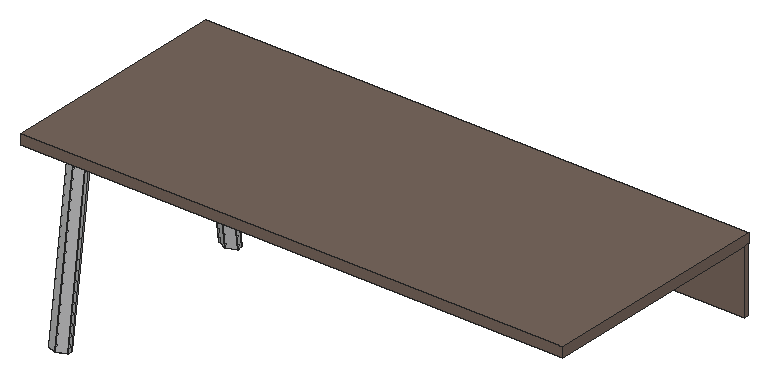
Revit family "Runoff-Teknion-CRHL_Runoff_Leg_Flush_to_Credenza-R2021", category Furniture, Revit 2021
Family settings
  OmniClass Number = 23.40.20.00
  OmniClass Title = General Furniture and Specialties
  Work Plane-Based = No
  Always vertical = Yes
  Cut with Voids When Loaded = No
  Shared = Yes
  Room Calculation Point = No
Parameters (values of type "Partial Height Modesty, Flush Position, Angled Leg Style")
  Width [instance] = 84.000"
  Warranty = "http://www.teknion.com/ca/papers/legal-canada"
  Unit Weight URL = "http://www.teknion.com/ca/tools/assets#&asset=bee6a381-b954-425e-8283-5a2de3a804f2,f828d448-4b62-4231-9e5f-9a8991c0ed77"
  URL = "www.teknion.com"
  U-Leg = no
  Top Finish [instance] = Veneer-Teknion-UN-Natural_Veneer_V2-Walnut_On_Cherry
  To render please download texture images found here [instance] = "https://assets.teknion.com/web/5e81352c1dfdb467/revit-material-swatches/"
  Sustainability Data = "https://www.teknion.com/ca/tools/assets#&topic=216f99a5-57a0-44fc-b10a-9dee9b29ae4c&asset=444deb64-fe58-4b68-981e-f75e97781df7,b4ff2d81-9f2e-437d-9659-7cffb09c31cf"
  Series = "Chronicle"  # constant formula
  Product Page URL = "https://www.teknion.com/products/product-details?productLineId=2302c16f-8e7a-673b-a6c8-ff05004460c4"
  Product Line = "Chronicle"  # constant formula
  Product Documentation Link = "https://www.teknion.com/pricing/chronicle/pdfs/Desks_ppg.pdf"
  Post Leg = no
  Part Number = "CRHL"  # constant formula
  Modesty Position = 0.000"
  Modesty Finish [instance] = Veneer-Teknion-UN-Natural_Veneer_V2-Walnut_On_Cherry
  Modesty = yes
  Model = "CRHL__B_A"
  Manufacturer Phone = "416-661-3370"  # constant formula
  Manufacturer Fax = "416.661.4586"  # constant formula
  Manufacturer Contact Information = "http://www.teknion.com/ca/contactus"
  Manufacturer Address = "1150 Flint Road, Toronto, ON. M3J 2J5. Canada"  # constant formula
  Manufacturer = "Teknion"  # constant formula
  Leg Finish [instance] = Paint-Mica-Teknion-60-Satin_Platinum
  Leg Connection Finish [instance] = Paint - Teknion - Foundation - 26 - Soft Gris
  How To Use Teknion Materials User Guide [instance] = "https://assets.teknion.com/m/205dd0a49fa58060/original/How-to-add-a-Material-Library-and-Texture-Images-to-your-Revit-project.pdf"
  For Additional Finishes please visit [instance] = "https://assets.teknion.com/m/44a8009b046e5d47/original/Teknion_Materials_Library.zip"
  Description = "Chronicle Runoff, Leg, Flush to Credenza, Partial Height Modesty, Flush Position, Angled Leg Style"
  Depth [instance] = 36.000"
  Default Elevation = 0.000"
  Available Width [instance] = if(and(Modesty, Depth = 30.000"), "54,60,66,72,78,84 inches", if(and(Modesty, Depth = 36.000"), "60,66,72,78,84 inches", if(Depth = 30.000", "54,60,66,72 inches", if(Depth = 36.000", "60,66,72 inches", "48,54,60,66,72 inches"))))  # "60,66,72,78,84 inches"
  Available Depth [instance] = if(and(Modesty, Modesty Position = 0.000"), "24,30,36 Inches", "30,36 Inches")  # "24,30,36 Inches"
  Assembly Code = "E2020200"
  Angled Leg = yes
Reference planes (in)
  plane 1 "Center Front/Back": y = -3750
  plane 2: z = 0
  plane 3 "Center Left/Right": x = 3750
  plane 4 "Left": x = 3708
  plane 5 "Right": x = 3792
  plane 6 "Back": y = -3732
  plane 7 "Front": y = -3768
  plane 8 "Top": z = 29
Forms (in)
  Sweep 1, solid, material "Veneer-Teknion-UN-Natural_Veneer_V2-Walnut_On_Cherry" <- "Top Finish"
    path origin (0, -3750, 0) x (1, 0, 0) y (0, 0, 1)
      loop
        line (3750, 29) -> (3750, 27.476)
    profile origin (3750, -3750, 28.238) x (0, -1, 0) y (1, 0, 0)
      loop
        line (-18, -42) -> (18, -42) -> (18, 42) -> (-18, 42) -> (-18, -42)
  Sweep 2, solid, material "Paint - Teknion - Foundation - 26 - Soft Gris" <- "Leg Connection Finish", visible <- "Angled Leg"
    path origin (0, -3750, 0) x (1, 0, 0) y (0, 0, 1)
      loop
        line (3750, 27.23) -> (3750, 27.476)
    profile origin (3750, -3750, 27.353) x (-1, 0, 0) y (0, -1, 0)
      loop
        line (34.125, -16.72207) -> (39.875, -16.72207)
        arc (39.875, -16.72207) -> (40.14017, -16.61224) -> (40.25, -16.34707) r 0.375
        line (40.25, -16.34707) -> (40.25, -13.06676)
        arc (40.25, -13.06676) -> (40.18738, -12.85929) -> (40.02044, -12.72111) r 0.375
        line (40.02044, -12.72111) -> (37.14544, -11.51142)
        arc (37.14544, -11.51142) -> (37, -11.48207) -> (36.85456, -11.51142) r 0.375
        line (36.85456, -11.51142) -> (33.97956, -12.72111)
        arc (33.97956, -12.72111) -> (33.81262, -12.85929) -> (33.75, -13.06676) r 0.375
        line (33.75, -13.06676) -> (33.75, -16.34707)
        arc (33.75, -16.34707) -> (33.85983, -16.61224) -> (34.125, -16.72207) r 0.375
      loop
        line (37.14544, 11.51142) -> (40.02044, 12.72111)
        arc (40.02044, 12.72111) -> (40.18738, 12.85929) -> (40.25, 13.06676) r 0.375
        line (40.25, 13.06676) -> (40.25, 16.34707)
        arc (40.25, 16.34707) -> (40.14017, 16.61224) -> (39.875, 16.72207) r 0.375
        line (39.875, 16.72207) -> (34.125, 16.72207)
        arc (34.125, 16.72207) -> (33.85983, 16.61224) -> (33.75, 16.34707) r 0.375
        line (33.75, 16.34707) -> (33.75, 13.06676)
        arc (33.75, 13.06676) -> (33.81262, 12.85929) -> (33.97956, 12.72111) r 0.375
        line (33.97956, 12.72111) -> (36.85456, 11.51142)
        arc (36.85456, 11.51142) -> (37, 11.48207) -> (37.14544, 11.51142) r 0.375
  Sweep 3, solid, material "Paint-Mica-Teknion-60-Satin_Platinum" <- "Leg Finish", visible <- "Angled Leg"
    path origin (3750, 0, 0) x (0, 1, 0) y (0, 0, 1)
      loop
        line (-3763.66332, 27.476) -> (-3767.48688, 0.27)
    profile origin (3750, -3765.5751, 13.873) x (0, 0.990268, -0.139173) y (1, 0, 0)
      loop
        line (0.65962, -38.5) -> (1.27628, -38.5)
        arc (1.27628, -38.5) -> (1.33175, -38.48321) -> (1.36859, -38.43846) r 0.1
        line (1.36859, -38.43846) -> (1.9359, -37.07692)
        arc (1.9359, -37.07692) -> (1.95128, -37) -> (1.9359, -36.92308) r 0.2
        line (1.9359, -36.92308) -> (1.36859, -35.56154)
        arc (1.36859, -35.56154) -> (1.33175, -35.51679) -> (1.27628, -35.5) r 0.1
        line (1.27628, -35.5) -> (0.65962, -35.5)
        arc (0.65962, -35.5) -> (0.60415, -35.51679) -> (0.56731, -35.56154) r 0.1
        line (0.56731, -35.56154) -> (0, -36.92308)
        arc (0, -36.92308) -> (-0.01538, -37) -> (0, -37.07692) r 0.2
        line (0, -37.07692) -> (0.56731, -38.43846)
        arc (0.56731, -38.43846) -> (0.60415, -38.48321) -> (0.65962, -38.5) r 0.1
  Sweep 4, solid, material "Paint-Mica-Teknion-60-Satin_Platinum" <- "Leg Finish", visible <- "Angled Leg"
    path origin (3750, 0, 0) x (0, 1, 0) y (0, 0, 1)
      loop
        line (-3736.33668, 27.476) -> (-3732.51312, 0.27)
    profile origin (3750, -3734.4249, 13.873) x (0, 0.990268, 0.139173) y (1, 0, 0)
      loop
        line (-0.56731, -38.43846) -> (0, -37.07692)
        arc (0, -37.07692) -> (0.01538, -37) -> (0, -36.92308) r 0.2
        line (0, -36.92308) -> (-0.56731, -35.56154)
        arc (-0.56731, -35.56154) -> (-0.60415, -35.51679) -> (-0.65962, -35.5) r 0.1
        line (-0.65962, -35.5) -> (-1.27628, -35.5)
        arc (-1.27628, -35.5) -> (-1.33175, -35.51679) -> (-1.36859, -35.56154) r 0.1
        line (-1.36859, -35.56154) -> (-1.9359, -36.92308)
        arc (-1.9359, -36.92308) -> (-1.95128, -37) -> (-1.9359, -37.07692) r 0.2
        line (-1.9359, -37.07692) -> (-1.36859, -38.43846)
        arc (-1.36859, -38.43846) -> (-1.33175, -38.48321) -> (-1.27628, -38.5) r 0.1
        line (-1.27628, -38.5) -> (-0.65962, -38.5)
        arc (-0.65962, -38.5) -> (-0.60415, -38.48321) -> (-0.56731, -38.43846) r 0.1
  Sweep 5, void
    path origin (0, -3750, 0) x (1, 0, 0) y (0, 0, 1)
      loop
        line (3750, 0.27) -> (3750, -0.73)
    profile origin (3750, -3750, -0.23) x (0, -1, 0) y (1, 0, 0)
      loop
        line (-18, -42) -> (18, -42) -> (18, 42) -> (-18, 42) -> (-18, -42)
  Sweep 6, solid, material "Paint - Teknion - 52 - Ebony", visible <- "Angled Leg"
    path origin (0, -3750, 0) x (1, 0, 0) y (0, 0, 1)
      loop
        line (3708, 0.27) -> (3708, 0.1686)
    profile origin (3708, -3750, 0.2193) x (0, -1, 0) y (1, 0, 0)
      loop
        circle (16.50942, 5) r 0.12487
      loop
        circle (-16.50942, 5) r 0.12487
  Sweep 7, solid, material "Paint - Teknion - 52 - Ebony", visible <- "Angled Leg"
    path origin (0, -3750, 0) x (1, 0, 0) y (0, 0, 1)
      loop
        line (3708, 0.1686) -> (3708, 0)
    profile origin (3708, -3750, 0.0843) x (0, -1, 0) y (1, 0, 0)
      loop
        circle (16.50942, 5) r 0.40037
      loop
        circle (-16.50942, 5) r 0.40037
  Sweep 8, solid, material "Veneer-Teknion-UN-Natural_Veneer_V2-Walnut_On_Cherry" <- "Modesty Finish", visible <- "Modesty"
    path origin (0, -3750, 0) x (1, 0, 0) y (0, 0, 1)
      loop
        line (3750, 27.476) -> (3750, 17.47598)
    profile origin (3750, -3750, 22.47599) x (0, -1, 0) y (1, 0, 0)
      loop
        line (-18, -32.5) -> (-17.25, -32.5) -> (-17.25, 42) -> (-18, 42) -> (-18, -32.5)
  Sweep 9, solid, material "Paint - Teknion - Foundation - 26 - Soft Gris" <- "Leg Connection Finish", visible <- "U-Leg"
    path origin (3750, 0.1, 0) x (0, 1, 0) y (0, 0, 1)
      loop
        line (-3750.1, 27.23) -> (-3750.1, 27.476)
    profile origin (3750, -3750, 27.353) x (0, -1, 0) y (1, 0, 0)
      loop
        line (-12.03712, -39.875) -> (-12.03712, -34.125)
        arc (-12.03712, -34.125) -> (-12.14696, -33.85983) -> (-12.41212, -33.75) r 0.375
        line (-12.41212, -33.75) -> (-15.69243, -33.75)
        arc (-15.69243, -33.75) -> (-15.8999, -33.81262) -> (-16.03808, -33.97956) r 0.375
        line (-16.03808, -33.97956) -> (-17.24777, -36.85456)
        arc (-17.24777, -36.85456) -> (-17.27712, -37) -> (-17.24777, -37.14544) r 0.375
        line (-17.24777, -37.14544) -> (-16.03808, -40.02044)
        arc (-16.03808, -40.02044) -> (-15.8999, -40.18738) -> (-15.69243, -40.25) r 0.375
        line (-15.69243, -40.25) -> (-12.41212, -40.25)
        arc (-12.41212, -40.25) -> (-12.14696, -40.14017) -> (-12.03712, -39.875) r 0.375
      loop
        line (12.03712, -34.125) -> (12.03712, -39.875)
        arc (12.03712, -39.875) -> (12.14696, -40.14017) -> (12.41212, -40.25) r 0.375
        line (12.41212, -40.25) -> (15.69243, -40.25)
        arc (15.69243, -40.25) -> (15.8999, -40.18738) -> (16.03808, -40.02044) r 0.375
        line (16.03808, -40.02044) -> (17.24777, -37.14544)
        arc (17.24777, -37.14544) -> (17.27712, -37) -> (17.24777, -36.85456) r 0.375
        line (17.24777, -36.85456) -> (16.03808, -33.97956)
        arc (16.03808, -33.97956) -> (15.8999, -33.81262) -> (15.69243, -33.75) r 0.375
        line (15.69243, -33.75) -> (12.41212, -33.75)
        arc (12.41212, -33.75) -> (12.14696, -33.85983) -> (12.03712, -34.125) r 0.375
  Sweep 10, solid, material "Paint-Mica-Teknion-60-Satin_Platinum" <- "Leg Finish", visible <- "U-Leg"
    path origin (3750, 0, 0) x (0, 1, 0) y (0, 0, 1)
      loop
        line (-3767.05079, 27.476) -> (-3763.11915, -0.49907)
    profile origin (3750, -3765.08497, 13.48846) x (0, 0.990268, 0.139173) y (1, 0, 0)
      loop
        line (0.56731, -35.56154) -> (0, -36.92308)
        arc (0, -36.92308) -> (-0.01538, -37) -> (0, -37.07692) r 0.2
        line (0, -37.07692) -> (0.56731, -38.43846)
        arc (0.56731, -38.43846) -> (0.60415, -38.48321) -> (0.65962, -38.5) r 0.1
        line (0.65962, -38.5) -> (1.27628, -38.5)
        arc (1.27628, -38.5) -> (1.33175, -38.48321) -> (1.36859, -38.43846) r 0.1
        line (1.36859, -38.43846) -> (1.9359, -37.07692)
        arc (1.9359, -37.07692) -> (1.95128, -37) -> (1.9359, -36.92308) r 0.2
        line (1.9359, -36.92308) -> (1.36859, -35.56154)
        arc (1.36859, -35.56154) -> (1.33175, -35.51679) -> (1.27628, -35.5) r 0.1
        line (1.27628, -35.5) -> (0.65962, -35.5)
        arc (0.65962, -35.5) -> (0.60415, -35.51679) -> (0.56731, -35.56154) r 0.1
  Sweep 11, solid, material "Paint-Mica-Teknion-60-Satin_Platinum" <- "Leg Finish", visible <- "U-Leg"
    path origin (3750, 0, 0) x (0, 1, 0) y (0, 0, 1)
      loop
        line (-3736.88085, -0.49907) -> (-3732.94921, 27.476)
    profile origin (3750, -3734.91503, 13.48846) x (0, -0.990268, 0.139173) y (1, 0, 0)
      loop
        line (0.65962, -38.5) -> (1.27628, -38.5)
        arc (1.27628, -38.5) -> (1.33175, -38.48321) -> (1.36859, -38.43846) r 0.1
        line (1.36859, -38.43846) -> (1.9359, -37.07692)
        arc (1.9359, -37.07692) -> (1.95128, -37) -> (1.9359, -36.92308) r 0.2
        line (1.9359, -36.92308) -> (1.36859, -35.56154)
        arc (1.36859, -35.56154) -> (1.33175, -35.51679) -> (1.27628, -35.5) r 0.1
        line (1.27628, -35.5) -> (0.65962, -35.5)
        arc (0.65962, -35.5) -> (0.60415, -35.51679) -> (0.56731, -35.56154) r 0.1
        line (0.56731, -35.56154) -> (0, -36.92308)
        arc (0, -36.92308) -> (-0.01538, -37) -> (0, -37.07692) r 0.2
        line (0, -37.07692) -> (0.56731, -38.43846)
        arc (0.56731, -38.43846) -> (0.60415, -38.48321) -> (0.65962, -38.5) r 0.1
  Sweep 12, solid, material "Paint - Teknion - 52 - Ebony", visible <- "U-Leg"
    path origin (0, -3754.25781, 0) x (1, 0, 0) y (0, 0, 1)
      loop
        line (3708, 0.27) -> (3708, 0.1686)
    profile origin (3708, -3754.25781, 0.2193) x (0, -1, 0) y (1, 0, 0)
      loop
        circle (7.99291, 5) r 0.12487
      loop
        circle (-16.50942, 5) r 0.12487
  Sweep 13, solid, material "Paint - Teknion - 52 - Ebony", visible <- "U-Leg"
    path origin (0, -3754.25977, 0) x (1, 0, 0) y (0, 0, 1)
      loop
        line (3708, 0.1686) -> (3708, 0)
    profile origin (3708, -3754.25977, 0.0843) x (0, -1, 0) y (1, 0, 0)
      loop
        circle (7.98988, 5) r 0.40037
      loop
        circle (-16.50942, 5) r 0.40037
  Sweep 14, solid, material "Paint - Teknion - Foundation - 26 - Soft Gris" <- "Leg Connection Finish", visible <- "U-Leg"
    path origin (3750, 0, 0) x (0, 1, 0) y (0, 0, 1)
      loop
        line (-3750, 2.52) -> (-3750, 0.27)
    profile origin (3750, -3750, 1.395) x (1, 0, 0) y (0, 1, 0)
      loop
        line (-37.3, 12.25463) -> (-37.3, -12.25463) -> (-36.7, -12.25463) -> (-36.7, 12.25463) -> (-37.3, 12.25463)
  SweptBlend 15, solid, material "Paint - Teknion - Foundation - 26 - Soft Gris" <- "Leg Connection Finish", visible <- "Post Leg"
    path origin (3750, 0, 0) x (0, 1, 0) y (0, 0, 1)
      loop
        line (-3750, 27.476) -> (-3750, 26.98)
    profile origin (3750, -3750, 27.476) x (1, 0, 0) y (0, 1, 0)
      loop
        line (-39.375, 3.5) -> (-39.375, -3.5) -> (-34.625, -3.5) -> (-34.625, 3.5) -> (-39.375, 3.5)
    end profile origin (3750, -3750, 26.98) x (1, 0, 0) y (0, 1, 0)
      loop
        line (-39.31361, 3.43861) -> (-39.31361, -3.43861) -> (-34.68639, -3.43861) -> (-34.68639, 3.43861) -> (-39.31361, 3.43861)
  SweptBlend 16, solid, material "Paint - Teknion - Foundation - 26 - Soft Gris" <- "Leg Connection Finish", visible <- "Post Leg"
    path origin (3750, 0, 0) x (0, 1, 0) y (0, 0, 1)
      loop
        line (-3750, 26.98) -> (-3750, 25.94063)
    profile origin (3750, -3750, 26.98) x (1, 0, 0) y (0, 1, 0)
      loop
        line (-37.41062, 2.05447) -> (-38.30946, 0) -> (-37.41062, -2.05447) -> (-36.58938, -2.05447) -> (-35.69054, 0) -> (-36.58938, 2.05447) -> (-37.41062, 2.05447)
    end profile origin (3750, -3750, 25.94063) x (1, 0, 0) y (0, 1, 0)
      loop
        line (-37.375, 2) -> (-38.25, 0) -> (-37.375, -2) -> (-36.625, -2) -> (-35.75, 0) -> (-36.625, 2) -> (-37.375, 2)
  Sweep 17, solid, material "Paint-Mica-Teknion-60-Satin_Platinum" <- "Leg Finish", visible <- "Post Leg"
    path origin (3750, 0, 0) x (0, 1, 0) y (0, 0, 1)
      loop
        line (-3750, 25.94063) -> (-3750, 0.48)
    profile origin (3750, -3750, 13.21031) x (1, 0, 0) y (0, 1, 0)
      loop
        line (-38.25, 0) -> (-37.375, -2) -> (-36.625, -2) -> (-35.75, 0) -> (-36.625, 2) -> (-37.375, 2) -> (-38.25, 0)
  Sweep 18, solid, material "Paint - Teknion - 52 - Ebony", visible <- "Post Leg"
    path origin (3750, 0, 0) x (0, 1, 0) y (0, 0, 1)
      loop
        line (-3750, 0.48) -> (-3750, 0.30709)
    profile origin (3750, -3750, 0.39354) x (1, 0, 0) y (0, 1, 0)
      loop
        circle (-37.00034, 0) r 0.197
  Sweep 19, solid, material "Paint - Teknion - 52 - Ebony", visible <- "Post Leg"
    path origin (3750, 0, 0) x (0, 1, 0) y (0, 0, 1)
      loop
        line (-3750, 0.30709) -> (-3750, 0)
    profile origin (3750, -3750, 0.15354) x (1, 0, 0) y (0, 1, 0)
      loop
        circle (-37.00034, 0) r 0.5
Cuts and joins
  Sweep 5 cuts Sweep 3
  Sweep 5 cuts Sweep 4
  Sweep 5 cuts Sweep 11
  joined: Sweep 12, Sweep 13
  joined: Sweep 6, Sweep 7
  joined: Sweep 18, Sweep 19
  Sweep 5 cuts Sweep 10
  joined: SweptBlend 15, SweptBlend 16
Lines and regions (in)
  Masking region 1
    outline origin (0, 0, 0) x (1, 0, 0) y (0, 1, 0)
      loop
        line (3708, -3732) -> (3708, -3768) -> (3792, -3768) -> (3792, -3732) -> (3708, -3732)
  symbolic lines, style "FurnitureHiddenLines", visible <- "Modesty", detail levels medium+fine
    curve 1: line (3717.5, -3732, 0) -> (3717.5, -3732.75, 0)
    curve 2: line (3717.5, -3732.75, 0) -> (3792, -3732.75, 0)
    curve 3: line (3792, -3732, 0) -> (3717.5, -3732, 0)
    curve 4: line (3792, -3732.75, 0) -> (3792, -3732, 0)
  symbolic lines, style "FurnitureHiddenLines", visible <- "Angled Leg", detail levels medium+fine
    curve 5: line (3715.875, -3733.27793, 0) -> (3710.125, -3733.27793, 0)
    curve 6: line (3709.75, -3733.65293, 0) -> (3709.75, -3736.93324, 0)
    curve 7: line (3709.97956, -3737.27889, 0) -> (3712.85456, -3738.48858, 0)
    curve 8: line (3713.14544, -3738.48858, 0) -> (3716.02044, -3737.27889, 0)
    curve 9: line (3716.25, -3736.93324, 0) -> (3716.25, -3733.65293, 0)
    curve 10: arc (3709.75, -3733.65293, 0) -> (3709.85983, -3733.38776, 0) -> (3710.125, -3733.27793, 0) r 0.375
    curve 11: arc (3715.875, -3733.27793, 0) -> (3716.14017, -3733.38776, 0) -> (3716.25, -3733.65293, 0) r 0.375
    curve 12: arc (3716.25, -3736.93324, 0) -> (3716.18738, -3737.14071, 0) -> (3716.02044, -3737.27889, 0) r 0.375
    curve 13: arc (3713.14544, -3738.48858, 0) -> (3713, -3738.51793, 0) -> (3712.85456, -3738.48858, 0) r 0.375
    curve 14: arc (3709.97956, -3737.27889, 0) -> (3709.81262, -3737.14071, 0) -> (3709.75, -3736.93324, 0) r 0.375
    curve 15: line (3709.75, -3763.06676, 0) -> (3709.75, -3766.34707, 0)
    curve 16: line (3712.85456, -3761.51142, 0) -> (3709.97956, -3762.72111, 0)
    curve 17: line (3716.02044, -3762.72111, 0) -> (3713.14544, -3761.51142, 0)
    curve 18: arc (3712.85456, -3761.51142, 0) -> (3713, -3761.48207, 0) -> (3713.14544, -3761.51142, 0) r 0.375
    curve 19: line (3710.125, -3766.72207, 0) -> (3715.875, -3766.72207, 0)
    curve 20: arc (3710.125, -3766.72207, 0) -> (3709.85983, -3766.61224, 0) -> (3709.75, -3766.34707, 0) r 0.375
    curve 21: line (3716.25, -3766.34707, 0) -> (3716.25, -3763.06676, 0)
    curve 22: arc (3716.25, -3766.34707, 0) -> (3716.14017, -3766.61224, 0) -> (3715.875, -3766.72207, 0) r 0.375
    curve 23: arc (3716.02044, -3762.72111, 0) -> (3716.18738, -3762.85929, 0) -> (3716.25, -3763.06676, 0) r 0.375
    curve 24: arc (3709.75, -3763.06676, 0) -> (3709.81262, -3762.85929, 0) -> (3709.97956, -3762.72111, 0) r 0.375
    curve 73: line (3711.56154, -3766.91399, 0) -> (3712.92308, -3767.48688, 0)
    curve 74: line (3713.07692, -3767.48688, 0) -> (3714.43846, -3766.91399, 0)
    curve 75: spline (3713.07692, -3767.48688, 0) -> (3713.06462, -3767.49149, 0) -> (3713.05203, -3767.49529, 0) -> (3713.03922, -3767.49827, 0) -> (3713.02624, -3767.5004, 0) -> (3713.01315, -3767.50168, 0) -> (3713, -3767.50211, 0) -> (3712.98685, -3767.50168, 0) -> (3712.97376, -3767.5004, 0) -> (3712.96078, -3767.49827, 0) -> (3712.94797, -3767.49529, 0) -> (3712.93538, -3767.49149, 0) -> (3712.92308, -3767.48688, 0)
    curve 76: line (3711.5, -3762.39946, 0) -> (3711.5, -3766.82078, 0)
    curve 77: line (3714.5, -3766.82078, 0) -> (3714.5, -3762.39946, 0)
    curve 78: line (3712.92308, -3765.53195, 0) -> (3711.56009, -3766.10545, 0)
    curve 79: line (3714.43991, -3766.10545, 0) -> (3713.07692, -3765.53195, 0)
    curve 80: arc (3711.56009, -3766.10545, 0) -> (3711.51628, -3766.14281, 0) -> (3711.50002, -3766.19805, 0) r 0.101
    curve 81: arc (3713.07692, -3765.53195, 0) -> (3713, -3765.51642, 0) -> (3712.92308, -3765.53195, 0) r 0.19822
    curve 82: arc (3714.49998, -3766.19805, 0) -> (3714.48372, -3766.14281, 0) -> (3714.43991, -3766.10545, 0) r 0.101
    curve 83: line (3711.56154, -3763.10154, 0) -> (3712.92308, -3763.66332, 0)
    curve 84: line (3713.07692, -3763.66332, 0) -> (3714.43846, -3763.10154, 0)
    curve 85: line (3712.92308, -3761.74627, 0) -> (3711.56154, -3762.30805, 0)
    curve 86: line (3714.43846, -3762.30805, 0) -> (3713.07692, -3761.74627, 0)
    curve 87: spline (3713.07692, -3761.74627, 0) -> (3713.06462, -3761.74165, 0) -> (3713.05203, -3761.73785, 0) -> (3713.03922, -3761.73488, 0) -> (3713.02624, -3761.73274, 0) -> (3713.01315, -3761.73146, 0) -> (3713, -3761.73103, 0) -> (3712.98685, -3761.73146, 0) -> (3712.97376, -3761.73274, 0) -> (3712.96078, -3761.73488, 0) -> (3712.94797, -3761.73785, 0) -> (3712.93538, -3761.74165, 0) -> (3712.92308, -3761.74627, 0)
    curve 88: spline (3711.56154, -3762.30805, 0) -> (3711.55269, -3762.31222, 0) -> (3711.5443, -3762.31722, 0) -> (3711.53644, -3762.32301, 0) -> (3711.52919, -3762.32954, 0) -> (3711.52262, -3762.33673, 0) -> (3711.51679, -3762.34453, 0) -> (3711.51177, -3762.35286, 0) -> (3711.50759, -3762.36163, 0) -> (3711.50429, -3762.37077, 0) -> (3711.50191, -3762.38018, 0) -> (3711.50048, -3762.38977, 0) -> (3711.5, -3762.39946, 0)
    curve 89: spline (3711.5, -3763.01013, 0) -> (3711.50048, -3763.01982, 0) -> (3711.50191, -3763.02941, 0) -> (3711.50429, -3763.03882, 0) -> (3711.50759, -3763.04796, 0) -> (3711.51177, -3763.05673, 0) -> (3711.51679, -3763.06506, 0) -> (3711.52262, -3763.07286, 0) -> (3711.52919, -3763.08005, 0) -> (3711.53644, -3763.08658, 0) -> (3711.5443, -3763.09237, 0) -> (3711.55269, -3763.09737, 0) -> (3711.56154, -3763.10154, 0)
    curve 90: spline (3714.43846, -3763.10154, 0) -> (3714.44731, -3763.09737, 0) -> (3714.4557, -3763.09237, 0) -> (3714.46356, -3763.08658, 0) -> (3714.47081, -3763.08005, 0) -> (3714.47738, -3763.07286, 0) -> (3714.48321, -3763.06506, 0) -> (3714.48823, -3763.05673, 0) -> (3714.49241, -3763.04796, 0) -> (3714.49571, -3763.03882, 0) -> (3714.49809, -3763.02941, 0) -> (3714.49952, -3763.01982, 0) -> (3714.5, -3763.01013, 0)
    curve 91: spline (3714.5, -3762.39946, 0) -> (3714.49952, -3762.38977, 0) -> (3714.49809, -3762.38018, 0) -> (3714.49571, -3762.37077, 0) -> (3714.49241, -3762.36163, 0) -> (3714.48823, -3762.35286, 0) -> (3714.48321, -3762.34453, 0) -> (3714.47738, -3762.33673, 0) -> (3714.47081, -3762.32954, 0) -> (3714.46356, -3762.32301, 0) -> (3714.4557, -3762.31722, 0) -> (3714.44731, -3762.31222, 0) -> (3714.43846, -3762.30805, 0)
    curve 114: arc (3711.5, -3766.82078, 0) -> (3711.51663, -3766.87672, 0) -> (3711.56154, -3766.91399, 0) r 0.10053
    curve 115: arc (3714.43846, -3766.91399, 0) -> (3714.48337, -3766.87672, 0) -> (3714.5, -3766.82078, 0) r 0.10053
    curve 116: arc (3712.92308, -3763.66332, 0) -> (3713, -3763.67857, 0) -> (3713.07692, -3763.66332, 0) r 0.20168
    curve 117: line (3711.56154, -3737.69195, 0) -> (3712.92308, -3738.25373, 0)
    curve 118: line (3713.07692, -3738.25373, 0) -> (3714.43846, -3737.69195, 0)
    curve 119: spline (3712.92308, -3738.25373, 0) -> (3712.93538, -3738.25835, 0) -> (3712.94797, -3738.26215, 0) -> (3712.96078, -3738.26512, 0) -> (3712.97376, -3738.26726, 0) -> (3712.98685, -3738.26854, 0) -> (3713, -3738.26897, 0) -> (3713.01315, -3738.26854, 0) -> (3713.02624, -3738.26726, 0) -> (3713.03922, -3738.26512, 0) -> (3713.05203, -3738.26215, 0) -> (3713.06462, -3738.25835, 0) -> (3713.07692, -3738.25373, 0)
    curve 120: line (3714.5, -3737.60054, 0) -> (3714.5, -3733.17922, 0)
    curve 121: line (3714.43846, -3736.89846, 0) -> (3713.07692, -3736.33668, 0)
    curve 122: line (3712.92308, -3736.33668, 0) -> (3711.56154, -3736.89846, 0)
    curve 123: line (3711.5, -3733.17922, 0) -> (3711.5, -3737.60054, 0)
    curve 124: spline (3713.07692, -3736.33668, 0) -> (3713.06462, -3736.33206, 0) -> (3713.05203, -3736.32826, 0) -> (3713.03922, -3736.32529, 0) -> (3713.02624, -3736.32315, 0) -> (3713.01315, -3736.32187, 0) -> (3713, -3736.32144, 0) -> (3712.98685, -3736.32187, 0) -> (3712.97376, -3736.32315, 0) -> (3712.96078, -3736.32529, 0) -> (3712.94797, -3736.32826, 0) -> (3712.93538, -3736.33206, 0) -> (3712.92308, -3736.33668, 0)
    curve 125: spline (3711.56154, -3736.89846, 0) -> (3711.55269, -3736.90263, 0) -> (3711.5443, -3736.90763, 0) -> (3711.53644, -3736.91342, 0) -> (3711.52919, -3736.91995, 0) -> (3711.52262, -3736.92714, 0) -> (3711.51679, -3736.93494, 0) -> (3711.51177, -3736.94327, 0) -> (3711.50759, -3736.95204, 0) -> (3711.50429, -3736.96118, 0) -> (3711.50191, -3736.97059, 0) -> (3711.50048, -3736.98018, 0) -> (3711.5, -3736.98987, 0)
    curve 126: spline (3714.5, -3736.98987, 0) -> (3714.49952, -3736.98018, 0) -> (3714.49809, -3736.97059, 0) -> (3714.49571, -3736.96118, 0) -> (3714.49241, -3736.95204, 0) -> (3714.48823, -3736.94327, 0) -> (3714.48321, -3736.93494, 0) -> (3714.47738, -3736.92714, 0) -> (3714.47081, -3736.91995, 0) -> (3714.46356, -3736.91342, 0) -> (3714.4557, -3736.90763, 0) -> (3714.44731, -3736.90263, 0) -> (3714.43846, -3736.89846, 0)
    curve 127: line (3711.56009, -3733.89455, 0) -> (3712.92308, -3734.46805, 0)
    curve 128: line (3713.07692, -3734.46805, 0) -> (3714.43991, -3733.89455, 0)
    curve 129: line (3712.92308, -3732.51312, 0) -> (3711.56009, -3733.08661, 0)
    curve 130: line (3714.43991, -3733.08661, 0) -> (3713.07692, -3732.51312, 0)
    curve 131: spline (3712.92308, -3732.51312, 0) -> (3712.93538, -3732.50851, 0) -> (3712.94797, -3732.50471, 0) -> (3712.96078, -3732.50173, 0) -> (3712.97376, -3732.4996, 0) -> (3712.98685, -3732.49832, 0) -> (3713, -3732.49789, 0) -> (3713.01315, -3732.49832, 0) -> (3713.02624, -3732.4996, 0) -> (3713.03922, -3732.50173, 0) -> (3713.05203, -3732.50471, 0) -> (3713.06462, -3732.50851, 0) -> (3713.07692, -3732.51312, 0)
    curve 132: arc (3711.56009, -3733.08661, 0) -> (3711.51628, -3733.12398, 0) -> (3711.50002, -3733.17922, 0) r 0.101
    curve 133: arc (3711.50002, -3733.80195, 0) -> (3711.51628, -3733.85719, 0) -> (3711.56009, -3733.89455, 0) r 0.101
    curve 134: arc (3714.43991, -3733.89455, 0) -> (3714.48372, -3733.85719, 0) -> (3714.49998, -3733.80195, 0) r 0.101
    curve 135: arc (3714.49998, -3733.17922, 0) -> (3714.48372, -3733.12398, 0) -> (3714.43991, -3733.08661, 0) r 0.101
    curve 157: arc (3711.5, -3737.60054, 0) -> (3711.51696, -3737.65554, 0) -> (3711.56154, -3737.69195, 0) r 0.09949
    curve 158: arc (3714.43846, -3737.69195, 0) -> (3714.48304, -3737.65554, 0) -> (3714.5, -3737.60054, 0) r 0.09949
    curve 159: arc (3712.92308, -3734.46805, 0) -> (3713, -3734.48357, 0) -> (3713.07692, -3734.46805, 0) r 0.19834
  reference lines
    curve 25: line (3708, -3732, 0) -> (3792, -3732, 0)
    curve 26: line (3708, -3768, 0) -> (3708, -3732, 0)
    curve 27: line (3792, -3768, 0) -> (3708, -3768, 0)
    curve 28: line (3792, -3732, 0) -> (3792, -3768, 0)
  symbolic lines, style "FurnitureHiddenLines", visible <- "Post Leg", detail levels medium+fine
    curve 29: line (3710.625, -3746.5, 0) -> (3715.375, -3746.5, 0)
    curve 30: line (3710.625, -3753.5, 0) -> (3710.625, -3746.5, 0)
    curve 31: line (3715.375, -3753.5, 0) -> (3710.625, -3753.5, 0)
    curve 32: line (3715.375, -3746.5, 0) -> (3715.375, -3753.5, 0)
    curve 33: line (3710.68639, -3746.56139, 0) -> (3715.31361, -3746.56139, 0)
    curve 34: line (3710.68639, -3753.43861, 0) -> (3710.68639, -3746.56139, 0)
    curve 35: line (3715.31361, -3753.43861, 0) -> (3710.68639, -3753.43861, 0)
    curve 36: line (3715.31361, -3746.56139, 0) -> (3715.31361, -3753.43861, 0)
    curve 37: line (3713.41062, -3747.94553, 0) -> (3712.58938, -3747.94553, 0)
    curve 38: line (3713.375, -3748, 0) -> (3712.625, -3748, 0)
    curve 39: line (3712.58938, -3747.94553, 0) -> (3711.69054, -3750, 0)
    curve 40: line (3712.625, -3748, 0) -> (3711.75, -3750, 0)
    curve 41: line (3714.25, -3750, 0) -> (3713.375, -3748, 0)
    curve 42: line (3714.30946, -3750, 0) -> (3713.41062, -3747.94553, 0)
    curve 43: line (3711.69054, -3750, 0) -> (3712.58938, -3752.05447, 0)
    curve 44: line (3711.75, -3750, 0) -> (3712.625, -3752, 0)
    curve 45: line (3713.41062, -3752.05447, 0) -> (3714.30946, -3750, 0)
    curve 46: line (3713.375, -3752, 0) -> (3714.25, -3750, 0)
    curve 47: line (3712.58938, -3752.05447, 0) -> (3713.41062, -3752.05447, 0)
    curve 48: line (3712.625, -3752, 0) -> (3713.375, -3752, 0)
  symbolic lines, style "FurnitureHiddenLines", visible <- "Post Leg", detail levels fine
    curve 49: arc (3712.49966, -3750, 0) -> (3712.99966, -3750.5, 0) -> (3713.49966, -3750, 0) r 0.5
    curve 50: arc (3712.80266, -3750, 0) -> (3712.99966, -3750.197, 0) -> (3713.19666, -3750, 0) r 0.197
    curve 51: arc (3713.19666, -3750, 0) -> (3712.99966, -3749.803, 0) -> (3712.80266, -3750, 0) r 0.197
    curve 52: arc (3713.49966, -3750, 0) -> (3712.99966, -3749.5, 0) -> (3712.49966, -3750, 0) r 0.5
  symbolic lines, style "FurnitureHiddenLines", visible <- "U-Leg", detail levels fine
    curve 53: line (3712.7, -3737.74537, 0) -> (3713.3, -3737.74537, 0)
    curve 54: line (3712.7, -3762.25463, 0) -> (3712.7, -3737.74537, 0)
    curve 55: line (3713.3, -3762.25463, 0) -> (3712.7, -3762.25463, 0)
    curve 56: line (3713.3, -3737.74537, 0) -> (3713.3, -3762.25463, 0)
    curve 61: arc (3713, -3737.34998, 0) -> (3712.59964, -3737.75035, 0) -> (3713, -3738.15072, 0) r 0.40037
    curve 62: arc (3713, -3737.62353, 0) -> (3712.87513, -3737.7484, 0) -> (3713, -3737.87327, 0) r 0.12487
    curve 63: arc (3713, -3737.87327, 0) -> (3713.12487, -3737.7484, 0) -> (3713, -3737.62353, 0) r 0.12487
    curve 64: arc (3713, -3738.15072, 0) -> (3713.40037, -3737.75035, 0) -> (3713, -3737.34998, 0) r 0.40037
    curve 65: arc (3713, -3761.84928, 0) -> (3712.59964, -3762.24965, 0) -> (3713, -3762.65002, 0) r 0.40037
    curve 66: arc (3713, -3762.12585, 0) -> (3712.87513, -3762.25072, 0) -> (3713, -3762.37559, 0) r 0.12487
    curve 67: arc (3713, -3762.37559, 0) -> (3713.12487, -3762.25072, 0) -> (3713, -3762.12585, 0) r 0.12487
    curve 68: arc (3713, -3762.65002, 0) -> (3713.40037, -3762.24965, 0) -> (3713, -3761.84928, 0) r 0.40037
  symbolic lines, style "FurnitureHiddenLines", visible <- "Angled Leg", detail levels fine
    curve 57: arc (3713, -3733.09022, 0) -> (3712.59964, -3733.49058, 0) -> (3713, -3733.89095, 0) r 0.40037
    curve 58: arc (3713, -3733.36571, 0) -> (3712.87513, -3733.49058, 0) -> (3713, -3733.61545, 0) r 0.12487
    curve 59: arc (3713, -3733.61545, 0) -> (3713.12487, -3733.49058, 0) -> (3713, -3733.36571, 0) r 0.12487
    curve 60: arc (3713, -3733.89095, 0) -> (3713.40037, -3733.49058, 0) -> (3713, -3733.09022, 0) r 0.40037
    curve 69: arc (3713, -3766.10905, 0) -> (3712.59964, -3766.50942, 0) -> (3713, -3766.90978, 0) r 0.40037
    curve 70: arc (3713, -3766.38455, 0) -> (3712.87513, -3766.50942, 0) -> (3713, -3766.63429, 0) r 0.12487
    curve 71: arc (3713, -3766.63429, 0) -> (3713.12487, -3766.50942, 0) -> (3713, -3766.38455, 0) r 0.12487
    curve 72: arc (3713, -3766.90978, 0) -> (3713.40037, -3766.50942, 0) -> (3713, -3766.10905, 0) r 0.40037
  symbolic lines, style "FurnitureHiddenLines", visible <- "U-Leg", detail levels medium+fine
    curve 92: line (3711.56009, -3761.84581, 0) -> (3712.92308, -3761.27231, 0)
    curve 93: line (3713.07692, -3761.27231, 0) -> (3714.43991, -3761.84581, 0)
    curve 94: arc (3712.92308, -3761.27232, 0) -> (3713, -3761.25678, 0) -> (3713.07692, -3761.27232, 0) r 0.19822
    curve 95: line (3711.5, -3761.93841, 0) -> (3711.5, -3766.3976, 0)
    curve 96: line (3712.92308, -3763.22724, 0) -> (3711.56009, -3762.65375, 0)
    curve 97: line (3714.43991, -3762.65375, 0) -> (3713.07692, -3763.22724, 0)
    curve 98: arc (3713.07692, -3763.22724, 0) -> (3713, -3763.24277, 0) -> (3712.92308, -3763.22724, 0) r 0.19822
    curve 99: line (3714.5, -3766.3976, 0) -> (3714.5, -3761.93841, 0)
    curve 100: arc (3714.49998, -3762.56114, 0) -> (3714.48372, -3762.61638, 0) -> (3714.43991, -3762.65375, 0) r 0.101
    curve 101: arc (3711.56009, -3762.65375, 0) -> (3711.51628, -3762.61638, 0) -> (3711.50002, -3762.56114, 0) r 0.101
    curve 102: arc (3711.50002, -3761.93841, 0) -> (3711.51628, -3761.88318, 0) -> (3711.56009, -3761.84581, 0) r 0.101
    curve 103: arc (3714.43991, -3761.84581, 0) -> (3714.48372, -3761.88318, 0) -> (3714.49998, -3761.93841, 0) r 0.101
    curve 104: line (3712.92308, -3765.13373, 0) -> (3711.56154, -3765.69552, 0)
    curve 105: line (3714.43846, -3765.69552, 0) -> (3713.07692, -3765.13373, 0)
    curve 106: spline (3713.07692, -3765.13373, 0) -> (3713.06462, -3765.12912, 0) -> (3713.05203, -3765.12532, 0) -> (3713.03922, -3765.12235, 0) -> (3713.02624, -3765.12021, 0) -> (3713.01315, -3765.11893, 0) -> (3713, -3765.1185, 0) -> (3712.98685, -3765.11893, 0) -> (3712.97376, -3765.12021, 0) -> (3712.96078, -3765.12235, 0) -> (3712.94797, -3765.12532, 0) -> (3712.93538, -3765.12912, 0) -> (3712.92308, -3765.13373, 0)
    curve 107: line (3711.56154, -3766.489, 0) -> (3712.92308, -3767.05079, 0)
    curve 108: spline (3711.5, -3766.3976, 0) -> (3711.50048, -3766.40728, 0) -> (3711.50191, -3766.41688, 0) -> (3711.50429, -3766.42629, 0) -> (3711.50759, -3766.43543, 0) -> (3711.51177, -3766.4442, 0) -> (3711.51679, -3766.45253, 0) -> (3711.52262, -3766.46032, 0) -> (3711.52919, -3766.46752, 0) -> (3711.53644, -3766.47405, 0) -> (3711.5443, -3766.47984, 0) -> (3711.55269, -3766.48484, 0) -> (3711.56154, -3766.489, 0)
    curve 109: spline (3712.92308, -3767.05079, 0) -> (3712.93538, -3767.0554, 0) -> (3712.94797, -3767.05921, 0) -> (3712.96078, -3767.06218, 0) -> (3712.97376, -3767.06431, 0) -> (3712.98685, -3767.0656, 0) -> (3713, -3767.06603, 0) -> (3713.01315, -3767.0656, 0) -> (3713.02624, -3767.06431, 0) -> (3713.03922, -3767.06218, 0) -> (3713.05203, -3767.05921, 0) -> (3713.06462, -3767.0554, 0) -> (3713.07692, -3767.05079, 0)
    curve 110: line (3713.07692, -3767.05079, 0) -> (3714.43846, -3766.489, 0)
    curve 111: spline (3714.43846, -3766.489, 0) -> (3714.44731, -3766.48484, 0) -> (3714.4557, -3766.47984, 0) -> (3714.46356, -3766.47405, 0) -> (3714.47081, -3766.46752, 0) -> (3714.47738, -3766.46032, 0) -> (3714.48321, -3766.45253, 0) -> (3714.48823, -3766.4442, 0) -> (3714.49241, -3766.43543, 0) -> (3714.49571, -3766.42629, 0) -> (3714.49809, -3766.41688, 0) -> (3714.49952, -3766.40728, 0) -> (3714.5, -3766.3976, 0)
    curve 112: spline (3714.5, -3765.78693, 0) -> (3714.49952, -3765.77724, 0) -> (3714.49809, -3765.76764, 0) -> (3714.49571, -3765.75823, 0) -> (3714.49241, -3765.7491, 0) -> (3714.48823, -3765.74033, 0) -> (3714.48321, -3765.732, 0) -> (3714.47738, -3765.7242, 0) -> (3714.47081, -3765.71701, 0) -> (3714.46356, -3765.71048, 0) -> (3714.4557, -3765.70469, 0) -> (3714.44731, -3765.69969, 0) -> (3714.43846, -3765.69552, 0)
    curve 113: spline (3711.56154, -3765.69552, 0) -> (3711.55269, -3765.69969, 0) -> (3711.5443, -3765.70469, 0) -> (3711.53644, -3765.71048, 0) -> (3711.52919, -3765.71701, 0) -> (3711.52262, -3765.7242, 0) -> (3711.51679, -3765.732, 0) -> (3711.51177, -3765.74033, 0) -> (3711.50759, -3765.7491, 0) -> (3711.50429, -3765.75823, 0) -> (3711.50191, -3765.76764, 0) -> (3711.50048, -3765.77724, 0) -> (3711.5, -3765.78693, 0)
    curve 136: line (3712.92308, -3732.94921, 0) -> (3711.56154, -3733.511, 0)
    curve 137: line (3714.43846, -3733.511, 0) -> (3713.07692, -3732.94921, 0)
    curve 138: line (3713.07692, -3734.86627, 0) -> (3714.43846, -3734.30448, 0)
    curve 139: line (3711.56154, -3734.30448, 0) -> (3712.92308, -3734.86627, 0)
    curve 140: spline (3711.56154, -3733.511, 0) -> (3711.55269, -3733.51516, 0) -> (3711.5443, -3733.52016, 0) -> (3711.53644, -3733.52595, 0) -> (3711.52919, -3733.53248, 0) -> (3711.52262, -3733.53968, 0) -> (3711.51679, -3733.54747, 0) -> (3711.51177, -3733.5558, 0) -> (3711.50759, -3733.56457, 0) -> (3711.50429, -3733.57371, 0) -> (3711.50191, -3733.58312, 0) -> (3711.50048, -3733.59272, 0) -> (3711.5, -3733.6024, 0)
    curve 141: spline (3711.5, -3734.21307, 0) -> (3711.50048, -3734.22276, 0) -> (3711.50191, -3734.23236, 0) -> (3711.50429, -3734.24177, 0) -> (3711.50759, -3734.2509, 0) -> (3711.51177, -3734.25967, 0) -> (3711.51679, -3734.268, 0) -> (3711.52262, -3734.2758, 0) -> (3711.52919, -3734.28299, 0) -> (3711.53644, -3734.28952, 0) -> (3711.5443, -3734.29531, 0) -> (3711.55269, -3734.30031, 0) -> (3711.56154, -3734.30448, 0)
    curve 142: spline (3712.92308, -3734.86627, 0) -> (3712.93538, -3734.87088, 0) -> (3712.94797, -3734.87468, 0) -> (3712.96078, -3734.87765, 0) -> (3712.97376, -3734.87979, 0) -> (3712.98685, -3734.88107, 0) -> (3713, -3734.8815, 0) -> (3713.01315, -3734.88107, 0) -> (3713.02624, -3734.87979, 0) -> (3713.03922, -3734.87765, 0) -> (3713.05203, -3734.87468, 0) -> (3713.06462, -3734.87088, 0) -> (3713.07692, -3734.86627, 0)
    curve 143: spline (3713.07692, -3732.94921, 0) -> (3713.06462, -3732.9446, 0) -> (3713.05203, -3732.94079, 0) -> (3713.03922, -3732.93782, 0) -> (3713.02624, -3732.93569, 0) -> (3713.01315, -3732.9344, 0) -> (3713, -3732.93397, 0) -> (3712.98685, -3732.9344, 0) -> (3712.97376, -3732.93569, 0) -> (3712.96078, -3732.93782, 0) -> (3712.94797, -3732.94079, 0) -> (3712.93538, -3732.9446, 0) -> (3712.92308, -3732.94921, 0)
    curve 144: spline (3714.43846, -3734.30448, 0) -> (3714.44731, -3734.30031, 0) -> (3714.4557, -3734.29531, 0) -> (3714.46356, -3734.28952, 0) -> (3714.47081, -3734.28299, 0) -> (3714.47738, -3734.2758, 0) -> (3714.48321, -3734.268, 0) -> (3714.48823, -3734.25967, 0) -> (3714.49241, -3734.2509, 0) -> (3714.49571, -3734.24177, 0) -> (3714.49809, -3734.23236, 0) -> (3714.49952, -3734.22276, 0) -> (3714.5, -3734.21307, 0)
    curve 145: spline (3714.5, -3733.6024, 0) -> (3714.49952, -3733.59272, 0) -> (3714.49809, -3733.58312, 0) -> (3714.49571, -3733.57371, 0) -> (3714.49241, -3733.56457, 0) -> (3714.48823, -3733.5558, 0) -> (3714.48321, -3733.54747, 0) -> (3714.47738, -3733.53968, 0) -> (3714.47081, -3733.53248, 0) -> (3714.46356, -3733.52595, 0) -> (3714.4557, -3733.52016, 0) -> (3714.44731, -3733.51516, 0) -> (3714.43846, -3733.511, 0)
    curve 146: line (3714.5, -3738.06159, 0) -> (3714.5, -3733.6024, 0)
    curve 147: line (3711.5, -3733.6024, 0) -> (3711.5, -3738.06159, 0)
    curve 148: line (3711.56009, -3737.34625, 0) -> (3712.92308, -3736.77276, 0)
    curve 149: line (3713.07692, -3736.77276, 0) -> (3714.43846, -3737.34565, 0)
    curve 150: line (3712.92308, -3738.72769, 0) -> (3711.56009, -3738.15419, 0)
    curve 151: line (3714.43991, -3738.15419, 0) -> (3713.07692, -3738.72769, 0)
    curve 152: arc (3713.07692, -3738.72768, 0) -> (3713, -3738.74322, 0) -> (3712.92308, -3738.72768, 0) r 0.19822
    curve 153: arc (3711.56009, -3738.15419, 0) -> (3711.51628, -3738.11682, 0) -> (3711.50002, -3738.06159, 0) r 0.101
    curve 154: arc (3714.49998, -3738.06159, 0) -> (3714.48372, -3738.11682, 0) -> (3714.43991, -3738.15419, 0) r 0.101
    curve 155: arc (3711.50002, -3737.43886, 0) -> (3711.51628, -3737.38362, 0) -> (3711.56009, -3737.34625, 0) r 0.101
    curve 156: arc (3712.92308, -3736.77276, 0) -> (3713, -3736.75724, 0) -> (3713.07692, -3736.77276, 0) r 0.19834
    curve 160: line (3715.875, -3762.03712, 0) -> (3710.125, -3762.03712, 0)
    curve 161: line (3709.75, -3762.41212, 0) -> (3709.75, -3765.69243, 0)
    curve 162: line (3716.25, -3765.69243, 0) -> (3716.25, -3762.41212, 0)
    curve 163: line (3713.14544, -3767.24777, 0) -> (3716.02044, -3766.03808, 0)
    curve 164: line (3709.97956, -3766.03808, 0) -> (3712.85456, -3767.24777, 0)
    curve 165: arc (3709.97956, -3766.03808, 0) -> (3709.81262, -3765.8999, 0) -> (3709.75, -3765.69243, 0) r 0.375
    curve 166: arc (3713.14544, -3767.24777, 0) -> (3713, -3767.27712, 0) -> (3712.85456, -3767.24777, 0) r 0.375
    curve 167: arc (3716.25, -3765.69243, 0) -> (3716.18738, -3765.8999, 0) -> (3716.02044, -3766.03808, 0) r 0.375
    curve 168: arc (3715.875, -3762.03712, 0) -> (3716.14017, -3762.14696, 0) -> (3716.25, -3762.41212, 0) r 0.375
    curve 169: arc (3709.75, -3762.41212, 0) -> (3709.85983, -3762.14696, 0) -> (3710.125, -3762.03712, 0) r 0.375
    curve 170: line (3710.125, -3737.96288, 0) -> (3715.875, -3737.96288, 0)
    curve 171: line (3709.75, -3734.30757, 0) -> (3709.75, -3737.58788, 0)
    curve 172: line (3712.85456, -3732.75223, 0) -> (3709.97956, -3733.96192, 0)
    curve 173: line (3716.02044, -3733.96192, 0) -> (3713.14544, -3732.75223, 0)
    curve 174: line (3716.25, -3737.58788, 0) -> (3716.25, -3734.30757, 0)
    curve 175: arc (3716.02044, -3733.96192, 0) -> (3716.18738, -3734.1001, 0) -> (3716.25, -3734.30757, 0) r 0.375
    curve 176: arc (3712.85456, -3732.75223, 0) -> (3713, -3732.72288, 0) -> (3713.14544, -3732.75223, 0) r 0.375
    curve 177: arc (3709.75, -3734.30757, 0) -> (3709.81262, -3734.1001, 0) -> (3709.97956, -3733.96192, 0) r 0.375
    curve 178: arc (3710.125, -3737.96288, 0) -> (3709.85983, -3737.85304, 0) -> (3709.75, -3737.58788, 0) r 0.375
    curve 179: arc (3716.25, -3737.58788, 0) -> (3716.14017, -3737.85304, 0) -> (3715.875, -3737.96288, 0) r 0.375
    curve 180: spline (3714.5, -3737.43705, 0) -> (3714.49952, -3737.42737, 0) -> (3714.49809, -3737.41777, 0) -> (3714.49571, -3737.40836, 0) -> (3714.49241, -3737.39922, 0) -> (3714.48823, -3737.39045, 0) -> (3714.48321, -3737.38212, 0) -> (3714.47738, -3737.37433, 0) -> (3714.47081, -3737.36713, 0) -> (3714.46356, -3737.3606, 0) -> (3714.4557, -3737.35481, 0) -> (3714.44731, -3737.34981, 0) -> (3714.43846, -3737.34565, 0)
Dimensions and locks (in)
  "Width": plane 4 "Left" to plane 5 "Right"
  "Depth": plane 6 "Back" to plane 7 "Front"
  plane 8 "Top" to level = 29.000"
  equal spacing: plane 6 "Back", plane 1 "Center Front/Back", plane 7 "Front"
  equal spacing: plane 4 "Left", plane 3 "Center Left/Right", plane 5 "Right"
  locked: Sweep 1 sketch curve to Sweep 1 sketch curve at 1.524
  locked: Sweep 2 sketch curve to Sweep 2 sketch curve at 0.246
  plane 4 "Left" to Sweep 2 sketch curve to Sweep 2 sketch curve to Sweep 2 sketch curve to Sweep 2 sketch curve = 1.750" locked, 3.10456" locked, 0.29087" locked, 3.10456" locked  (x2)
  plane 6 "Back" to Sweep 2 sketch curve to Sweep 2 sketch curve to Sweep 2 sketch curve to Sweep 2 sketch curve to Sweep 2 sketch curve = 1.27793" locked, 4.00096" locked, 0.000" locked, 1.20969" locked, 0.000" locked
  plane 7 "Front" to Sweep 2 sketch curve to Sweep 2 sketch curve to Sweep 2 sketch curve to Sweep 2 sketch curve to Sweep 2 sketch curve = 1.27793" locked, 4.00096" locked, 0.000" locked, 1.20969" locked, 0.000" locked
  Sweep 3 sketch curve to Sweep 3 sketch curve to plane 2 = 27.206" locked, 0.270" locked
  plane 7 "Front" to Sweep 3 sketch curve to Sweep 3 sketch curve = 0.51312" locked, 3.82355" locked
  Sweep 2 to Sweep 3 sketch curve to Sweep 3 sketch curve to Sweep 3 sketch curve to Sweep 3 sketch curve to Sweep 3 sketch curve to Sweep 3 sketch curve = 1.750" locked, 1.42308" locked, 0.000" locked, 0.15385" locked, 0.000" locked, 1.42308" locked
  Sweep 2 to Sweep 3 sketch curve to Sweep 3 sketch curve to Sweep 3 sketch curve to Sweep 3 sketch curve to Sweep 3 sketch curve to Sweep 3 sketch curve to Sweep 3 sketch curve to Sweep 3 sketch curve = 1.14697" locked, 0.000" locked, 0.56179" locked, 0.000" locked, 0.79348" locked, 0.000" locked, 0.56179" locked, 0.000" locked
  Sweep 4 sketch curve to Sweep 4 sketch curve to plane 2 = 27.206" locked, 0.270" locked
  Sweep 4 sketch curve to Sweep 4 sketch curve to plane 6 "Back" = 3.82355" locked, 0.51312" locked
  Sweep 2 to Sweep 4 sketch curve to Sweep 4 sketch curve to Sweep 4 sketch curve to Sweep 4 sketch curve to Sweep 4 sketch curve to Sweep 4 sketch curve to Sweep 4 sketch curve to Sweep 4 sketch curve = 1.14697" locked, 0.000" locked, 0.56179" locked, 0.000" locked, 0.79348" locked, 0.000" locked, 0.56179" locked, 0.000" locked
  Sweep 2 to Sweep 4 sketch curve to Sweep 4 sketch curve to Sweep 4 sketch curve to Sweep 4 sketch curve to Sweep 4 sketch curve to Sweep 4 sketch curve = 1.750" locked, 1.42308" locked, 0.000" locked, 0.15385" locked, 0.000" locked, 1.42308" locked
  locked: Sweep 5 sketch curve to Sweep 5 sketch curve at 1
  locked: Sweep 6 sketch curve to Sweep 6 sketch curve at 0.1014
  locked: Sweep 2 to Sweep 6 sketch curve at 3.25  (x2)
  locked: Sweep 2 to Sweep 6 sketch curve at 0.21266  (x2)
  locked: Sweep 2 to Sweep 7 sketch curve at 3.25  (x2)
  locked: Sweep 2 to Sweep 7 sketch curve at 0.21266  (x2)
  locked: Sweep 8 sketch curve to Sweep 8 sketch curve at 10.00002
  locked: Sweep 8 sketch curve to Sweep 8 sketch curve at 0.75
  "Modesty Position": plane 6 "Back" to Sweep 8 sketch curve
  plane 6 "Back" to Sweep 9 sketch curve to Sweep 9 sketch curve to Sweep 9 sketch curve to Sweep 9 sketch curve to Sweep 9 sketch curve = 0.75223" locked, 0.000" locked, 1.20969" locked, 0.000" locked, 4.00096" locked
  plane 7 "Front" to Sweep 9 sketch curve to Sweep 9 sketch curve to Sweep 9 sketch curve to Sweep 9 sketch curve to Sweep 9 sketch curve = 0.75223" locked, 0.000" locked, 1.20969" locked, 0.000" locked, 4.00096" locked
  plane 4 "Left" to Sweep 9 sketch curve to Sweep 9 sketch curve to Sweep 9 sketch curve to Sweep 9 sketch curve to Sweep 9 sketch curve to Sweep 9 sketch curve = 1.750" locked, 0.22956" locked, 2.875" locked, 0.29087" locked, 2.875" locked, 0.22956" locked  (x2)
  plane 4 "Left" to Sweep 10 sketch curve to Sweep 10 sketch curve to Sweep 10 sketch curve to Sweep 10 sketch curve to Sweep 10 sketch curve to Sweep 10 sketch curve = 3.500" locked, 1.42308" locked, 0.000" locked, 0.15385" locked, 0.000" locked, 1.42308" locked
  plane 7 "Front" to Sweep 10 sketch curve to Sweep 10 sketch curve to Sweep 10 sketch curve to Sweep 10 sketch curve to Sweep 10 sketch curve to Sweep 10 sketch curve to Sweep 10 sketch curve to Sweep 10 sketch curve = 2.91503", 0.000" locked, 0.56179" locked, 0.000" locked, 0.79348" locked, 0.000" locked, 0.56179" locked, 0.000" locked
  Sweep 11 sketch curve to Sweep 11 sketch curve to plane 6 "Back" = 3.93164" locked, 0.94921" locked
  locked: Sweep 11 sketch curve to Sweep 11 sketch curve at 28.25
  plane 4 "Left" to Sweep 11 sketch curve to Sweep 11 sketch curve to Sweep 11 sketch curve to Sweep 11 sketch curve to Sweep 11 sketch curve to Sweep 11 sketch curve = 3.500" locked, 1.42308" locked, 0.000" locked, 0.15385" locked, 0.000" locked, 1.42308" locked
  plane 6 "Back" to Sweep 11 sketch curve to Sweep 11 sketch curve to Sweep 11 sketch curve to Sweep 11 sketch curve to Sweep 11 sketch curve to Sweep 11 sketch curve to Sweep 11 sketch curve to Sweep 11 sketch curve = 2.91503", 0.000" locked, 0.56179" locked, 0.000" locked, 0.79348" locked, 0.000" locked, 0.56179" locked, 0.000" locked
  plane 7 "Front" to Sweep 10 sketch curve to Sweep 10 sketch curve = 0.94921" locked, 3.93164" locked
  locked: Sweep 10 sketch curve to Sweep 10 sketch curve at 28.25
  locked: Sweep 12 sketch curve to Sweep 12 sketch curve at 0.1014
  locked: plane 4 "Left" to Sweep 12 sketch curve at 5  (x2)
  locked: plane 6 "Back" to Sweep 12 sketch curve at 5.7484
  locked: plane 7 "Front" to Sweep 12 sketch curve at 5.74928
  locked: plane 4 "Left" to Sweep 13 sketch curve at 5  (x2)
  locked: plane 7 "Front" to Sweep 13 sketch curve at 5.75035
  locked: plane 6 "Back" to Sweep 13 sketch curve at 5.75035
  locked: Sweep 14 sketch curve to Sweep 14 sketch curve at 2.25
  Sweep 9 to Sweep 14 sketch curve to Sweep 14 sketch curve = 2.950" locked, 0.600" locked
  locked: Sweep 14 sketch curve to plane 6 "Back" at 5.74537
  locked: plane 7 "Front" to Sweep 14 sketch curve at 5.74537
  locked: SweptBlend 15 sketch curve to SweptBlend 15 sketch curve at 0.496
  plane 4 "Left" to SweptBlend 15 sketch curve to SweptBlend 15 sketch curve = 2.625" locked, 4.750" locked
  SweptBlend 15 sketch curve to plane 1 "Center Front/Back" to SweptBlend 15 sketch curve = 3.500" locked, 3.500" locked
  plane 4 "Left" to SweptBlend 15 sketch curve to SweptBlend 15 sketch curve = 2.68639" locked, 4.62722" locked
  SweptBlend 15 sketch curve to plane 1 "Center Front/Back" to SweptBlend 15 sketch curve = 3.43861" locked, 3.43861" locked
  locked: SweptBlend 16 sketch curve to SweptBlend 16 sketch curve at 1.03937
  SweptBlend 16 sketch curve to plane 1 "Center Front/Back" to SweptBlend 16 sketch curve = 2.05447" locked, 2.05447" locked
  plane 4 "Left" to SweptBlend 16 sketch curve to SweptBlend 16 sketch curve to SweptBlend 16 sketch curve to SweptBlend 16 sketch curve to SweptBlend 16 sketch curve to SweptBlend 16 sketch curve = 3.69054" locked, 0.89883" locked, 0.000" locked, 0.82125" locked, 0.000" locked, 0.89883" locked
  plane 4 "Left" to SweptBlend 16 sketch curve to SweptBlend 16 sketch curve to SweptBlend 16 sketch curve to SweptBlend 16 sketch curve to SweptBlend 16 sketch curve to SweptBlend 16 sketch curve = 3.750" locked, 0.875" locked, 0.000" locked, 0.750" locked, 0.000" locked, 0.875" locked
  SweptBlend 16 sketch curve to plane 1 "Center Front/Back" to SweptBlend 16 sketch curve = 2.000" locked, 2.000" locked
  locked: Sweep 17 sketch curve to Sweep 17 sketch curve at 25.46063
  locked: Sweep 18 sketch curve to Sweep 18 sketch curve at 0.17291
  locked: plane 4 "Left" to Sweep 18 sketch curve at 4.99966
  locked: plane 4 "Left" to Sweep 19 sketch curve at 4.99966
  locked: plane 4 "Left" to Sweep 8 sketch curve at 9.5
  locked: Sweep 8 to nested 6 at 3.125
  aligned and locked: level to plane 2
  aligned and locked: plane 8 "Top" to Sweep 1 sketch curve
  aligned and locked: Sweep 1 sketch curve to plane 3 "Center Left/Right"
  aligned and locked: plane 6 "Back" to Sweep 1 sketch curve
  aligned and locked: Sweep 1 sketch curve to plane 4 "Left"
  aligned and locked: plane 7 "Front" to Sweep 1 sketch curve
  aligned and locked: Sweep 1 sketch curve to plane 5 "Right"
  aligned and locked: Sweep 1 to Sweep 2 sketch curve
  aligned and locked: plane 3 "Center Left/Right" to Sweep 2 sketch curve
  aligned and locked: plane 6 "Back" to Sweep 5 sketch curve
  aligned and locked: Sweep 5 sketch curve to plane 4 "Left"
  aligned and locked: plane 7 "Front" to Sweep 5 sketch curve
  aligned and locked: Sweep 5 sketch curve to plane 5 "Right"
  aligned and locked: Sweep 6 sketch curve to cut or joined group of Sweep 3, Sweep 5
  aligned and locked: Sweep 6 sketch curve to plane 4 "Left"
  aligned and locked: Sweep 7 sketch curve to Sweep 6
  aligned and locked: plane 2 to Sweep 7 sketch curve
  aligned and locked: Sweep 7 sketch curve to plane 4 "Left"
  aligned and locked: Sweep 1 to Sweep 8 sketch curve
  aligned and locked: Sweep 8 sketch curve to plane 3 "Center Left/Right"
  aligned and locked: Sweep 8 sketch curve to plane 5 "Right"
  aligned and locked: Sweep 2 to Sweep 9 sketch curve
  aligned and locked: Sweep 1 to Sweep 9 sketch curve
  aligned and locked: Sweep 9 sketch curve to plane 1 "Center Front/Back"
  aligned and locked: Sweep 1 to Sweep 11 sketch curve
  aligned and locked: Sweep 1 to Sweep 10 sketch curve
  aligned and locked: Sweep 12 sketch curve to cut or joined group of Sweep 3, Sweep 5
  aligned and locked: Sweep 12 sketch curve to plane 4 "Left"
  aligned and locked: plane 2 to Sweep 13 sketch curve
  aligned and locked: Sweep 13 sketch curve to Sweep 6
  aligned and locked: Sweep 13 sketch curve to plane 4 "Left"
  aligned and locked: plane 1 "Center Front/Back" to Sweep 14 sketch curve
  aligned and locked: Sweep 14 sketch curve to cut or joined group of Sweep 5, Sweep 11
  aligned and locked: SweptBlend 15 sketch curve to Sweep 1
  aligned and locked: plane 1 "Center Front/Back" to SweptBlend 15 sketch curve
  aligned and locked: SweptBlend 16 sketch curve to SweptBlend 15
  aligned and locked: plane 1 "Center Front/Back" to SweptBlend 16 sketch curve
  aligned and locked: plane 1 "Center Front/Back" to Sweep 17 sketch curve
  aligned and locked: SweptBlend 16 to Sweep 17 sketch curve
  aligned and locked: Sweep 17 sketch curve to SweptBlend 16  (x6)
  aligned and locked: Sweep 17 to Sweep 18 sketch curve
  aligned and locked: plane 1 "Center Front/Back" to Sweep 18 sketch curve  (x2)
  aligned and locked: plane 1 "Center Front/Back" to Sweep 19 sketch curve  (x2)
  aligned and locked: Sweep 18 to Sweep 19 sketch curve
  aligned and locked: plane 2 to Sweep 19 sketch curve
  aligned and locked: Masking region 1 sketch curve to plane 6 "Back"
  aligned and locked: plane 4 "Left" to Masking region 1 sketch curve
  aligned and locked: Masking region 1 sketch curve to plane 7 "Front"
  aligned and locked: plane 5 "Right" to Masking region 1 sketch curve
  aligned and locked: curve 1 to Sweep 8
  aligned and locked: curve 2 to Sweep 8
  aligned and locked: curve 3 to Sweep 8
  aligned and locked: curve 4 to Sweep 8
  aligned and locked: curve 25 to plane 6 "Back"
  aligned and locked: plane 4 "Left" to curve 26
  aligned and locked: curve 27 to plane 7 "Front"
  aligned and locked: plane 5 "Right" to curve 28
  aligned and locked: curve 29 to cut or joined group of SweptBlend 15, SweptBlend 16
  aligned and locked: curve 30 to cut or joined group of SweptBlend 15, SweptBlend 16
  aligned and locked: curve 31 to cut or joined group of SweptBlend 15, SweptBlend 16
  aligned and locked: curve 32 to cut or joined group of SweptBlend 15, SweptBlend 16
  aligned and locked: curve 33 to cut or joined group of SweptBlend 15, SweptBlend 16
  aligned and locked: curve 34 to cut or joined group of SweptBlend 15, SweptBlend 16
  aligned and locked: curve 35 to cut or joined group of SweptBlend 15, SweptBlend 16
  aligned and locked: curve 36 to cut or joined group of SweptBlend 15, SweptBlend 16
  aligned and locked: curve 37 to cut or joined group of SweptBlend 15, SweptBlend 16
  aligned and locked: curve 38 to Sweep 17
  aligned and locked: curve 39 to cut or joined group of SweptBlend 15, SweptBlend 16
  aligned and locked: curve 40 to Sweep 17
  aligned and locked: curve 41 to Sweep 17
  aligned and locked: curve 42 to cut or joined group of SweptBlend 15, SweptBlend 16
  aligned and locked: curve 43 to cut or joined group of SweptBlend 15, SweptBlend 16
  aligned and locked: curve 44 to Sweep 17
  aligned and locked: curve 45 to cut or joined group of SweptBlend 15, SweptBlend 16
  aligned and locked: curve 46 to Sweep 17
  aligned and locked: curve 47 to cut or joined group of SweptBlend 15, SweptBlend 16
  aligned and locked: curve 48 to Sweep 17
  aligned and locked: curve 49 to cut or joined group of Sweep 18, Sweep 19
  aligned and locked: curve 50 to cut or joined group of Sweep 18, Sweep 19
  aligned and locked: curve 51 to cut or joined group of Sweep 18, Sweep 19
  aligned and locked: curve 52 to cut or joined group of Sweep 18, Sweep 19
  aligned and locked: curve 53 to Sweep 14
  aligned and locked: curve 54 to Sweep 14
  aligned and locked: curve 55 to Sweep 14
  aligned and locked: curve 56 to Sweep 14
  aligned and locked: curve 57 to cut or joined group of Sweep 6, Sweep 7
  aligned and locked: curve 58 to cut or joined group of Sweep 6, Sweep 7
  aligned and locked: curve 59 to cut or joined group of Sweep 6, Sweep 7
  aligned and locked: curve 60 to cut or joined group of Sweep 6, Sweep 7
  aligned and locked: curve 61 to cut or joined group of Sweep 12, Sweep 13
  aligned and locked: curve 62 to cut or joined group of Sweep 12, Sweep 13
  aligned and locked: curve 63 to cut or joined group of Sweep 12, Sweep 13
